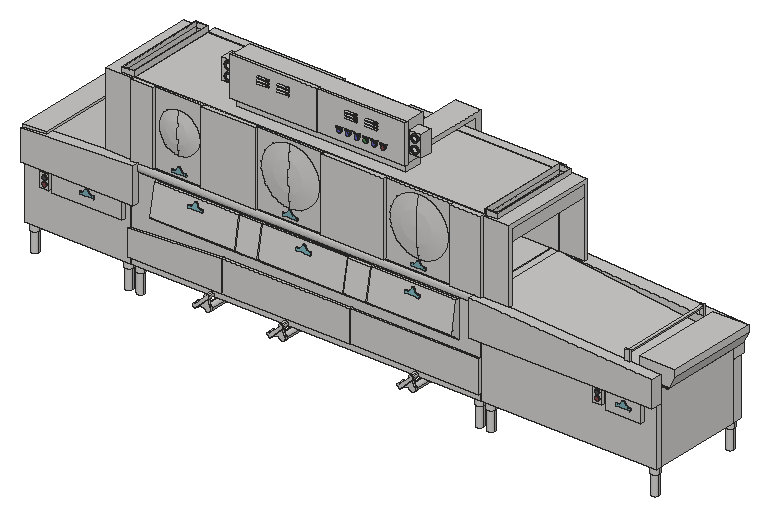
Revit family (continued)
Forms (in)
  Extrusion 125, solid, material "QF_Finishes_Stainless Steel"
    sketch origin (107.56775, -73.14175, 9.44389) x (-1, 0, 0) y (0, -0.5, -0.866025)
      loop
        line (52.28388, -77.875) -> (48.28388, -77.875)
    from 0 to 0.125
  Extrusion 126, solid, material "QF_Finishes_Stainless Steel"
    sketch origin (107.56775, -73.14175, 8.44389) x (-1, 0, 0) y (0, -0.5, -0.866025)
      loop
        arc (48.28388, -77.875) -> (48.46693, -78.31694) -> (48.90888, -78.5) r 0.625
        line (48.90888, -78.5) -> (51.65888, -78.5)
        arc (51.65888, -78.5) -> (52.10082, -78.31694) -> (52.28388, -77.875) r 0.625
        line (52.28388, -77.875) -> (48.28388, -77.875)
    from 0 to 0.125
  Extrusion 127, solid, material "QF_Finishes_Stainless Steel"
    sketch origin (-30.125, -73.14175, 10.44389) x (1, 0, 0) y (0, 0.5, 0.866025)
      loop
        line (48.28388, 77.875) -> (52.28388, 77.875)
        arc (52.28388, 77.875) -> (52.10082, 78.31694) -> (51.65888, 78.5) r 0.625
        line (51.65888, 78.5) -> (48.90888, 78.5)
        arc (48.90888, 78.5) -> (48.46693, 78.31694) -> (48.28388, 77.875) r 0.625
    from 0 to 0.125
  Extrusion 128, solid, material "QF_Finishes_Stainless Steel"
    sketch origin (-30.125, -73.14175, 9.44389) x (1, 0, 0) y (0, 0.5, 0.866025)
      loop
        line (48.28388, 77.875) -> (52.28388, 77.875)
        arc (52.28388, 77.875) -> (52.10082, 78.31694) -> (51.65888, 78.5) r 0.625
        line (51.65888, 78.5) -> (48.90888, 78.5)
        arc (48.90888, 78.5) -> (48.46693, 78.31694) -> (48.28388, 77.875) r 0.625
    from 0 to 0.125
  Extrusion 129, solid, material "QF_Finishes_Stainless Steel"
    sketch origin (-30.125, -73.14175, 8.44389) x (1, 0, 0) y (0, 0.5, 0.866025)
      loop
        line (48.28388, 77.875) -> (52.28388, 77.875)
        arc (52.28388, 77.875) -> (52.10082, 78.31694) -> (51.65888, 78.5) r 0.625
        line (51.65888, 78.5) -> (48.90888, 78.5)
        arc (48.90888, 78.5) -> (48.46693, 78.31694) -> (48.28388, 77.875) r 0.625
    from 0 to 0.125
  Extrusion 130, solid, material "QF_Finishes_Stainless Steel"
    sketch origin (77.44275, -73.14175, 10.44389) x (-1, 0, 0) y (0, -0.5, -0.866025)
      loop
        arc (48.28388, -77.875) -> (48.46693, -78.31694) -> (48.90888, -78.5) r 0.625
        line (48.90888, -78.5) -> (51.65888, -78.5)
        arc (51.65888, -78.5) -> (52.10082, -78.31694) -> (52.28388, -77.875) r 0.625
        line (52.28388, -77.875) -> (48.28388, -77.875)
    from 0 to 0.125
  Extrusion 131, solid, material "QF_Finishes_Stainless Steel"
    sketch origin (77.44275, -73.14175, 9.44389) x (-1, 0, 0) y (0, -0.5, -0.866025)
      loop
        arc (48.28388, -77.875) -> (48.46693, -78.31694) -> (48.90888, -78.5) r 0.625
        line (48.90888, -78.5) -> (51.65888, -78.5)
        arc (51.65888, -78.5) -> (52.10082, -78.31694) -> (52.28388, -77.875) r 0.625
        line (52.28388, -77.875) -> (48.28388, -77.875)
    from 0 to 0.125
  Extrusion 132, solid, material "QF_Finishes_Stainless Steel"
    sketch origin (77.44275, -73.14175, 8.44389) x (-1, 0, 0) y (0, -0.5, -0.866025)
      loop
        arc (48.28388, -77.875) -> (48.46693, -78.31694) -> (48.90888, -78.5) r 0.625
        line (48.90888, -78.5) -> (51.65888, -78.5)
        arc (51.65888, -78.5) -> (52.10082, -78.31694) -> (52.28388, -77.875) r 0.625
        line (52.28388, -77.875) -> (48.28388, -77.875)
    from 0 to 0.125
  Extrusion 133, solid, material "QF_Finishes_Stainless Steel"
    sketch origin (-39.90362, 0, 0) x (0, 1, 0) y (0, 0, 1)
      loop
        circle (-20.25, 7) r 1
      loop
        circle (-20.25, 7) r 1.125
    from 0 to 191.625
  Extrusion 134, solid, material "QF_Finishes_Stainless Steel", visible <- "Unload End Drain"
    sketch origin (-39.90362, 0, 0) x (0, 1, 0) y (0, 0, 1)
      loop
        circle (-20.25, 7) r 1
    from 0 to 0.125
  Extrusion 135, solid, material "QF_Finishes_Stainless Steel", visible <- "Load End Drain"
    sketch origin (151.72138, 0, 0) x (0, 1, 0) y (0, 0, 1)
      loop
        circle (-20.25, 7) r 1
    from 0 to -0.125
  Sweep 136, solid, material "QF_Finishes_Stainless Steel", visible <- "Cold Water Aqua Stat"
    path origin (-31.27862, 0, 0) x (0, 1, 0) y (0, 0, 1)
      loop
        line (-16.75, 9) -> (-16.75, 7.5)
        arc (-16.75, 7.5) -> (-16.31066, 6.43934) -> (-15.25, 6) r 1.5
        line (-15.25, 6) -> (-8.5, 6)
    profile origin (-31.27862, -16.75, 8.25) x (1, 0, 0) y (0, 1, 0)
      loop
        circle (0, 0) r 0.375
      loop
        circle (0, 0) r 0.5
  Sweep 137, solid, material "QF_Finishes_Stainless Steel", visible <- "Cold Water Aqua Stat"
    path origin (134.72138, 0, 0) x (0, 1, 0) y (0, 0, 1)
      loop
        line (-16.75, 9) -> (-16.75, 7.5)
        arc (-16.75, 7.5) -> (-16.31066, 6.43934) -> (-15.25, 6) r 1.5
        line (-15.25, 6) -> (-8.5, 6)
    profile origin (134.72138, -16.75, 8.25) x (1, 0, 0) y (0, 1, 0)
      loop
        circle (0, 0) r 0.5
      loop
        circle (0, 0) r 0.625
  Extrusion 138, void
    sketch origin (0, -26, 0) x (1, 0, 0) y (0, 0, 1)
      loop
        circle (10.72138, 78.5) r 0.5
    from 0 to 0.25
  Extrusion 139, solid, material "QF_Finishes_Stainless Steel"
    sketch origin (0, -20.25, 0) x (1, 0, 0) y (0, 0, 1)
      loop
        circle (7.73519, 7) r 1
      loop
        circle (7.73519, 7) r 1.125
    from 0 to 21.5
  Extrusion 140, solid, material "QF_Finishes_Stainless Steel"
    sketch origin (12, -20.25, 0) x (1, 0, 0) y (0, 0, 1)
      loop
        circle (21.23519, 7) r 1
      loop
        circle (21.23519, 7) r 1.125
    from 0 to 21.5
  Extrusion 141, solid, material "QF_Finishes_Stainless Steel"
    sketch origin (7.21533, -42, -3.41935) x (0.707107, 0, 0.707107) y (-0.707107, 0, 0.707107)
      loop
        arc (6.61019, 7) -> (7.73519, 5.875) -> (8.86019, 7) r 1.125
        arc (8.86019, 7) -> (9.29112, 8.22931) -> (10.48519, 8.75) r 1.62946
        line (10.48519, 8.75) -> (4.98519, 8.75)
        arc (4.98519, 8.75) -> (6.17925, 8.22931) -> (6.61019, 7) r 1.62946
    from -0.25 to 0.25
  Extrusion 142, solid, material "QF_Finishes_Stainless Steel"
    sketch origin (32.71533, -42, -3.41935) x (0.707107, 0, 0.707107) y (-0.707107, 0, 0.707107)
      loop
        line (4.73519, 8.75) -> (10.73519, 8.75)
        arc (10.73519, 8.75) -> (11.08874, 8.89645) -> (11.23519, 9.25) r 0.5
        line (11.23519, 9.25) -> (11.23519, 9.75)
        arc (11.23519, 9.75) -> (11.08874, 10.10355) -> (10.73519, 10.25) r 0.5
        line (10.73519, 10.25) -> (10.23519, 10.25)
        arc (10.23519, 10.25) -> (10.05841, 10.17678) -> (9.98519, 10) r 0.25
        line (9.98519, 10) -> (9.98519, 9.75) -> (5.48519, 9.75) -> (5.48519, 10)
        arc (5.48519, 10) -> (5.41196, 10.17678) -> (5.23519, 10.25) r 0.25
        line (5.23519, 10.25) -> (4.73519, 10.25)
        arc (4.73519, 10.25) -> (4.38163, 10.10355) -> (4.23519, 9.75) r 0.5
        line (4.23519, 9.75) -> (4.23519, 9.25)
        arc (4.23519, 9.25) -> (4.38163, 8.89645) -> (4.73519, 8.75) r 0.5
    from -1 to 1
  Extrusion 143, solid, material "QF_Finishes_Stainless Steel"
    sketch origin (32.71533, -42, -3.41935) x (0.707107, 0, 0.707107) y (-0.707107, 0, 0.707107)
      loop
        arc (6.61019, 7) -> (7.73519, 5.875) -> (8.86019, 7) r 1.125
        arc (8.86019, 7) -> (9.29112, 8.22931) -> (10.48519, 8.75) r 1.62946
        line (10.48519, 8.75) -> (4.98519, 8.75)
        arc (4.98519, 8.75) -> (6.17925, 8.22931) -> (6.61019, 7) r 1.62946
    from -0.25 to 0.25
  Extrusion 144, solid, material "QF_Finishes_Stainless Steel"
    sketch origin (63, -20.25, 0) x (1, 0, 0) y (0, 0, 1)
      loop
        circle (14.73519, 7) r 1
      loop
        circle (14.73519, 7) r 1.125
    from 0 to 21.5
  Extrusion 145, solid, material "QF_Finishes_Stainless Steel"
    sketch origin (77.21533, -42, -3.41935) x (0.707107, 0, 0.707107) y (-0.707107, 0, 0.707107)
      loop
        line (4.73519, 8.75) -> (10.73519, 8.75)
        arc (10.73519, 8.75) -> (11.08874, 8.89645) -> (11.23519, 9.25) r 0.5
        line (11.23519, 9.25) -> (11.23519, 9.75)
        arc (11.23519, 9.75) -> (11.08874, 10.10355) -> (10.73519, 10.25) r 0.5
        line (10.73519, 10.25) -> (10.23519, 10.25)
        arc (10.23519, 10.25) -> (10.05841, 10.17678) -> (9.98519, 10) r 0.25
        line (9.98519, 10) -> (9.98519, 9.75) -> (5.48519, 9.75) -> (5.48519, 10)
        arc (5.48519, 10) -> (5.41196, 10.17678) -> (5.23519, 10.25) r 0.25
        line (5.23519, 10.25) -> (4.73519, 10.25)
        arc (4.73519, 10.25) -> (4.38163, 10.10355) -> (4.23519, 9.75) r 0.5
        line (4.23519, 9.75) -> (4.23519, 9.25)
        arc (4.23519, 9.25) -> (4.38163, 8.89645) -> (4.73519, 8.75) r 0.5
    from -1 to 1
  Extrusion 146, solid, material "QF_Finishes_Stainless Steel"
    sketch origin (77.21533, -42, -3.41935) x (0.707107, 0, 0.707107) y (-0.707107, 0, 0.707107)
      loop
        arc (6.61019, 7) -> (7.73519, 5.875) -> (8.86019, 7) r 1.125
        arc (8.86019, 7) -> (9.29112, 8.22931) -> (10.48519, 8.75) r 1.62946
        line (10.48519, 8.75) -> (4.98519, 8.75)
        arc (4.98519, 8.75) -> (6.17925, 8.22931) -> (6.61019, 7) r 1.62946
    from -0.25 to 0.25
  Extrusion 147, solid, material "QF_Finishes_Stainless Steel"
    sketch origin (7.21533, -42, -3.41935) x (0.707107, 0, 0.707107) y (-0.707107, 0, 0.707107)
      loop
        line (4.73519, 8.75) -> (10.73519, 8.75)
        arc (10.73519, 8.75) -> (11.08874, 8.89645) -> (11.23519, 9.25) r 0.5
        line (11.23519, 9.25) -> (11.23519, 9.75)
        arc (11.23519, 9.75) -> (11.08874, 10.10355) -> (10.73519, 10.25) r 0.5
        line (10.73519, 10.25) -> (10.23519, 10.25)
        arc (10.23519, 10.25) -> (10.05841, 10.17678) -> (9.98519, 10) r 0.25
        line (9.98519, 10) -> (9.98519, 9.75) -> (5.48519, 9.75) -> (5.48519, 10)
        arc (5.48519, 10) -> (5.41196, 10.17678) -> (5.23519, 10.25) r 0.25
        line (5.23519, 10.25) -> (4.73519, 10.25)
        arc (4.73519, 10.25) -> (4.38163, 10.10355) -> (4.23519, 9.75) r 0.5
        line (4.23519, 9.75) -> (4.23519, 9.25)
        arc (4.23519, 9.25) -> (4.38163, 8.89645) -> (4.73519, 8.75) r 0.5
    from -1 to 1
  Extrusion 148, solid, material "QF_Finishes_Stainless Steel", visible <- "Feeder Line 2"
    sketch origin (0, -26, 0) x (1, 0, 0) y (0, 0, 1)
      loop
        circle (11.97138, 78.5) r 0.25
    from 0 to -0.0625
  Extrusion 149, solid, material "QF_Finishes_Stainless Steel", visible <- "Feeder Line 3"
    sketch origin (0.75, -26, 0) x (1, 0, 0) y (0, 0, 1)
      loop
        circle (11.97138, 78.5) r 0.25
    from 0 to -0.0625
  Extrusion 150, solid, material "QF_Finishes_Black", not visible
    sketch origin (0, -32.25, 0) x (1, 0, 0) y (0, 0, 1)
      loop
        circle (6.84638, 76.75) r 1.25
      loop
        circle (6.84638, 76.75) r 1
    from 0 to 0.25
  Extrusion 151, solid, material "QF_Finishes_White", not visible
    sketch origin (0, -32.25, 0) x (1, 0, 0) y (0, 0, 1)
      loop
        circle (6.84638, 76.75) r 1
    from 0 to 0.0625
  Extrusion 152, solid, material "QF_Finishes_Black", not visible
    sketch origin (33.66291, -34, -18.39967) x (1, 0, 0) y (0, 0, 1)
      loop
        line (19.62096, 91.02467) -> (17.62096, 91.02467) -> (17.62096, 90.77467) -> (19.62096, 90.77467) -> (19.62096, 91.02467)
      loop
        line (16.62096, 91.02467) -> (14.62096, 91.02467) -> (14.62096, 90.77467) -> (16.62096, 90.77467) -> (16.62096, 91.02467)
      loop
        line (20.62096, 91.02467) -> (20.62096, 90.77467) -> (22.62096, 90.77467) -> (22.62096, 91.02467) -> (20.62096, 91.02467)
      loop
        line (23.62096, 91.02467) -> (23.62096, 90.77467) -> (25.62096, 90.77467) -> (25.62096, 91.02467) -> (23.62096, 91.02467)
      loop
        line (13.62096, 91.02467) -> (11.62096, 91.02467) -> (11.62096, 90.77467) -> (13.62096, 90.77467) -> (13.62096, 91.02467)
      loop
        line (26.62096, 91.02467) -> (26.62096, 90.77467) -> (28.62096, 90.77467) -> (28.62096, 91.02467) -> (26.62096, 91.02467)
    from 0 to 0.25
  Extrusion 153, solid, material "QF_Finishes_Navy Blue", not visible
    sketch origin (34.03783, -34, -18.39967) x (1, 0, 0) y (0, 0, 1)
      loop
        circle (15.24605, 89.89967) r 0.625
    from 0.125 to 0.375
  Extrusion 154, solid, material "QF_Finishes_Navy Blue", not visible
    sketch origin (34.03783, -34, -18.39967) x (1, 0, 0) y (0, 0, 1)
      loop
        circle (18.24605, 89.89967) r 0.625
    from 0.125 to 0.375
  Extrusion 155, solid, material "QF_Finishes_LED Green", not visible
    sketch origin (34.03783, -34, -18.39967) x (1, 0, 0) y (0, 0, 1)
      loop
        circle (21.24605, 89.89967) r 0.625
    from 0.125 to 0.375
  Extrusion 156, solid, material "QF_Finishes_Navy Blue", not visible
    sketch origin (34.03783, -34, -18.39967) x (1, 0, 0) y (0, 0, 1)
      loop
        circle (24.24605, 89.89967) r 0.625
    from 0.125 to 0.375
  Extrusion 157, solid, material "QF_Finishes_Black", not visible
    sketch origin (34.03783, -34, -18.39967) x (1, 0, 0) y (0, 0, 1)
      loop
        line (15.99605, 89.89967) -> (15.99605, 90.77467) -> (14.49605, 90.77467) -> (14.49605, 89.89967)
        arc (14.49605, 89.89967) -> (15.24605, 89.14967) -> (15.99605, 89.89967) r 0.75
      loop
        line (18.99605, 89.89967) -> (18.99605, 90.77467) -> (17.49605, 90.77467) -> (17.49605, 89.89967)
        arc (17.49605, 89.89967) -> (18.24605, 89.14967) -> (18.99605, 89.89967) r 0.75
      loop
        line (21.99605, 89.89967) -> (21.99605, 90.77467) -> (20.49605, 90.77467) -> (20.49605, 89.89967)
        arc (20.49605, 89.89967) -> (21.24605, 89.14967) -> (21.99605, 89.89967) r 0.75
      loop
        line (24.99605, 89.89967) -> (24.99605, 90.77467) -> (23.49605, 90.77467) -> (23.49605, 89.89967)
        arc (23.49605, 89.89967) -> (24.24605, 89.14967) -> (24.99605, 89.89967) r 0.75
      loop
        line (12.99605, 89.89967) -> (12.99605, 90.77467) -> (11.49605, 90.77467) -> (11.49605, 89.89967)
        arc (11.49605, 89.89967) -> (12.24605, 89.14967) -> (12.99605, 89.89967) r 0.75
      loop
        line (27.99605, 89.89967) -> (27.99605, 90.77467) -> (26.49605, 90.77467) -> (26.49605, 89.89967)
        arc (26.49605, 89.89967) -> (27.24605, 89.14967) -> (27.99605, 89.89967) r 0.75
    from 0 to 0.125
  Extrusion 158, solid, material "QF_Finishes_Black", not visible
    sketch origin (0, -32.25, -3.5) x (1, 0, 0) y (0, 0, 1)
      loop
        circle (6.84638, 76.75) r 1.25
      loop
        circle (6.84638, 76.75) r 1
    from 0 to 0.25
  Extrusion 159, solid, material "QF_Finishes_White", not visible
    sketch origin (0, -32.25, -3.5) x (1, 0, 0) y (0, 0, 1)
      loop
        circle (6.84638, 76.75) r 1
    from 0 to 0.0625
  Extrusion 160, solid, material "QF_Finishes_Black", not visible
    sketch origin (63.875, -32.25, 0) x (1, 0, 0) y (0, 0, 1)
      loop
        circle (6.84638, 76.75) r 1.25
      loop
        circle (6.84638, 76.75) r 1
    from 0 to 0.25
  Extrusion 161, solid, material "QF_Finishes_White", not visible
    sketch origin (63.875, -32.25, 0) x (1, 0, 0) y (0, 0, 1)
      loop
        circle (6.84638, 76.75) r 1
    from 0 to 0.0625
  Extrusion 162, solid, material "QF_Finishes_Black", not visible
    sketch origin (63.875, -32.25, -3.5) x (1, 0, 0) y (0, 0, 1)
      loop
        circle (6.84638, 76.75) r 1.25
      loop
        circle (6.84638, 76.75) r 1
    from 0 to 0.25
  Extrusion 163, solid, material "QF_Finishes_White", not visible
    sketch origin (63.875, -32.25, -3.5) x (1, 0, 0) y (0, 0, 1)
      loop
        circle (6.84638, 76.75) r 1
    from 0 to 0.0625
  Extrusion 164, solid, material "QF_Finishes_Navy Blue", not visible
    sketch origin (31.03783, -34, -18.39967) x (1, 0, 0) y (0, 0, 1)
      loop
        circle (15.24605, 89.89967) r 0.625
    from 0.125 to 0.375
  Extrusion 165, solid, material "QF_Finishes_LED Red", not visible
    sketch origin (46.03783, -34, -18.39967) x (1, 0, 0) y (0, 0, 1)
      loop
        circle (15.24605, 89.89967) r 0.625
    from 0.125 to 0.375
  Extrusion 166, solid, material "QF_Finishes_Stainless Steel", not visible
    sketch origin (0, -73.14175, 10.44389) x (1, 0, 0) y (0, 0.5, 0.866025)
      loop
        line (48.28388, 77.875) -> (52.28388, 77.875)
        arc (52.28388, 77.875) -> (52.10082, 78.31694) -> (51.65888, 78.5) r 0.625
        line (51.65888, 78.5) -> (48.90888, 78.5)
        arc (48.90888, 78.5) -> (48.46693, 78.31694) -> (48.28388, 77.875) r 0.625
    from 0 to 0.125
  Extrusion 167, solid, material "QF_Finishes_Stainless Steel", not visible
    sketch origin (0, -73.14175, 9.44389) x (1, 0, 0) y (0, 0.5, 0.866025)
      loop
        line (48.28388, 77.875) -> (52.28388, 77.875)
        arc (52.28388, 77.875) -> (52.10082, 78.31694) -> (51.65888, 78.5) r 0.625
        line (51.65888, 78.5) -> (48.90888, 78.5)
        arc (48.90888, 78.5) -> (48.46693, 78.31694) -> (48.28388, 77.875) r 0.625
    from 0 to 0.125
  Extrusion 168, solid, material "QF_Finishes_Stainless Steel", not visible
    sketch origin (0, -73.14175, 8.44389) x (1, 0, 0) y (0, 0.5, 0.866025)
      loop
        line (48.28388, 77.875) -> (52.28388, 77.875)
        arc (52.28388, 77.875) -> (52.10082, 78.31694) -> (51.65888, 78.5) r 0.625
        line (51.65888, 78.5) -> (48.90888, 78.5)
        arc (48.90888, 78.5) -> (48.46693, 78.31694) -> (48.28388, 77.875) r 0.625
    from 0 to 0.125
  Extrusion 169, solid, material "QF_Finishes_Stainless Steel", not visible
    sketch origin (107.56775, -73.14175, 10.44389) x (-1, 0, 0) y (0, -0.5, -0.866025)
      loop
        arc (48.28388, -77.875) -> (48.46693, -78.31694) -> (48.90888, -78.5) r 0.625
        line (48.90888, -78.5) -> (51.65888, -78.5)
        arc (51.65888, -78.5) -> (52.10082, -78.31694) -> (52.28388, -77.875) r 0.625
        line (52.28388, -77.875) -> (48.28388, -77.875)
    from 0 to 0.125
  Extrusion 170, solid, material "QF_Finishes_Stainless Steel", not visible
    sketch origin (107.56775, -73.14175, 9.44389) x (-1, 0, 0) y (0, -0.5, -0.866025)
      loop
        arc (48.28388, -77.875) -> (48.46693, -78.31694) -> (48.90888, -78.5) r 0.625
        line (48.90888, -78.5) -> (51.65888, -78.5)
        arc (51.65888, -78.5) -> (52.10082, -78.31694) -> (52.28388, -77.875) r 0.625
        line (52.28388, -77.875) -> (48.28388, -77.875)
    from 0 to 0.125
  Extrusion 171, solid, material "QF_Finishes_Stainless Steel", not visible
    sketch origin (107.56775, -73.14175, 8.44389) x (-1, 0, 0) y (0, -0.5, -0.866025)
      loop
        arc (48.28388, -77.875) -> (48.46693, -78.31694) -> (48.90888, -78.5) r 0.625
        line (48.90888, -78.5) -> (51.65888, -78.5)
        arc (51.65888, -78.5) -> (52.10082, -78.31694) -> (52.28388, -77.875) r 0.625
        line (52.28388, -77.875) -> (48.28388, -77.875)
    from 0 to 0.125
  Extrusion 172, solid, material "QF_Finishes_Stainless Steel", not visible
    sketch origin (-30.125, -73.14175, 10.44389) x (1, 0, 0) y (0, 0.5, 0.866025)
      loop
        line (48.28388, 77.875) -> (52.28388, 77.875)
        arc (52.28388, 77.875) -> (52.10082, 78.31694) -> (51.65888, 78.5) r 0.625
        line (51.65888, 78.5) -> (48.90888, 78.5)
        arc (48.90888, 78.5) -> (48.46693, 78.31694) -> (48.28388, 77.875) r 0.625
    from 0 to 0.125
  Extrusion 173, solid, material "QF_Finishes_Stainless Steel", not visible
    sketch origin (-30.125, -73.14175, 9.44389) x (1, 0, 0) y (0, 0.5, 0.866025)
      loop
        line (48.28388, 77.875) -> (52.28388, 77.875)
        arc (52.28388, 77.875) -> (52.10082, 78.31694) -> (51.65888, 78.5) r 0.625
        line (51.65888, 78.5) -> (48.90888, 78.5)
        arc (48.90888, 78.5) -> (48.46693, 78.31694) -> (48.28388, 77.875) r 0.625
    from 0 to 0.125
  Extrusion 174, solid, material "QF_Finishes_Stainless Steel", not visible
    sketch origin (-30.125, -73.14175, 8.44389) x (1, 0, 0) y (0, 0.5, 0.866025)
      loop
        line (48.28388, 77.875) -> (52.28388, 77.875)
        arc (52.28388, 77.875) -> (52.10082, 78.31694) -> (51.65888, 78.5) r 0.625
        line (51.65888, 78.5) -> (48.90888, 78.5)
        arc (48.90888, 78.5) -> (48.46693, 78.31694) -> (48.28388, 77.875) r 0.625
    from 0 to 0.125
  Extrusion 175, solid, material "QF_Finishes_Stainless Steel", not visible
    sketch origin (77.44275, -73.14175, 10.44389) x (-1, 0, 0) y (0, -0.5, -0.866025)
      loop
        arc (48.28388, -77.875) -> (48.46693, -78.31694) -> (48.90888, -78.5) r 0.625
        line (48.90888, -78.5) -> (51.65888, -78.5)
        arc (51.65888, -78.5) -> (52.10082, -78.31694) -> (52.28388, -77.875) r 0.625
        line (52.28388, -77.875) -> (48.28388, -77.875)
    from 0 to 0.125
  Extrusion 176, solid, material "QF_Finishes_Stainless Steel", not visible
    sketch origin (77.44275, -73.14175, 9.44389) x (-1, 0, 0) y (0, -0.5, -0.866025)
      loop
        arc (48.28388, -77.875) -> (48.46693, -78.31694) -> (48.90888, -78.5) r 0.625
        line (48.90888, -78.5) -> (51.65888, -78.5)
        arc (51.65888, -78.5) -> (52.10082, -78.31694) -> (52.28388, -77.875) r 0.625
        line (52.28388, -77.875) -> (48.28388, -77.875)
    from 0 to 0.125
  Extrusion 177, solid, material "QF_Finishes_Stainless Steel", not visible
    sketch origin (77.44275, -73.14175, 8.44389) x (-1, 0, 0) y (0, -0.5, -0.866025)
      loop
        arc (48.28388, -77.875) -> (48.46693, -78.31694) -> (48.90888, -78.5) r 0.625
        line (48.90888, -78.5) -> (51.65888, -78.5)
        arc (51.65888, -78.5) -> (52.10082, -78.31694) -> (52.28388, -77.875) r 0.625
        line (52.28388, -77.875) -> (48.28388, -77.875)
    from 0 to 0.125
  Extrusion 178, solid, material "QF_Finishes_Stainless Steel", not visible
    sketch origin (0, -20.25, 0) x (1, 0, 0) y (0, 0, 1)
      loop
        circle (7.73519, 7) r 1
      loop
        circle (7.73519, 7) r 1.125
    from 0 to 21.5
  Extrusion 179, solid, material "QF_Finishes_Stainless Steel", not visible
    sketch origin (12, -20.25, 0) x (1, 0, 0) y (0, 0, 1)
      loop
        circle (21.23519, 7) r 1
      loop
        circle (21.23519, 7) r 1.125
    from 0 to 21.5
  Extrusion 180, solid, material "QF_Finishes_Stainless Steel", not visible
    sketch origin (7.21533, -42, -3.41935) x (0.707107, 0, 0.707107) y (-0.707107, 0, 0.707107)
      loop
        arc (6.61019, 7) -> (7.73519, 5.875) -> (8.86019, 7) r 1.125
        arc (8.86019, 7) -> (9.29112, 8.22931) -> (10.48519, 8.75) r 1.62946
        line (10.48519, 8.75) -> (4.98519, 8.75)
        arc (4.98519, 8.75) -> (6.17925, 8.22931) -> (6.61019, 7) r 1.62946
    from -0.25 to 0.25
  Extrusion 181, solid, material "QF_Finishes_Stainless Steel", not visible
    sketch origin (32.71533, -42, -3.41935) x (0.707107, 0, 0.707107) y (-0.707107, 0, 0.707107)
      loop
        line (4.73519, 8.75) -> (10.73519, 8.75)
        arc (10.73519, 8.75) -> (11.08874, 8.89645) -> (11.23519, 9.25) r 0.5
        line (11.23519, 9.25) -> (11.23519, 9.75)
        arc (11.23519, 9.75) -> (11.08874, 10.10355) -> (10.73519, 10.25) r 0.5
        line (10.73519, 10.25) -> (10.23519, 10.25)
        arc (10.23519, 10.25) -> (10.05841, 10.17678) -> (9.98519, 10) r 0.25
        line (9.98519, 10) -> (9.98519, 9.75) -> (5.48519, 9.75) -> (5.48519, 10)
        arc (5.48519, 10) -> (5.41196, 10.17678) -> (5.23519, 10.25) r 0.25
        line (5.23519, 10.25) -> (4.73519, 10.25)
        arc (4.73519, 10.25) -> (4.38163, 10.10355) -> (4.23519, 9.75) r 0.5
        line (4.23519, 9.75) -> (4.23519, 9.25)
        arc (4.23519, 9.25) -> (4.38163, 8.89645) -> (4.73519, 8.75) r 0.5
    from -1 to 1
  Extrusion 182, solid, material "QF_Finishes_Stainless Steel", not visible
    sketch origin (32.71533, -42, -3.41935) x (0.707107, 0, 0.707107) y (-0.707107, 0, 0.707107)
      loop
        arc (6.61019, 7) -> (7.73519, 5.875) -> (8.86019, 7) r 1.125
        arc (8.86019, 7) -> (9.29112, 8.22931) -> (10.48519, 8.75) r 1.62946
        line (10.48519, 8.75) -> (4.98519, 8.75)
        arc (4.98519, 8.75) -> (6.17925, 8.22931) -> (6.61019, 7) r 1.62946
    from -0.25 to 0.25
  Extrusion 183, solid, material "QF_Finishes_Stainless Steel", not visible
    sketch origin (63, -20.25, 0) x (1, 0, 0) y (0, 0, 1)
      loop
        circle (14.73519, 7) r 1
      loop
        circle (14.73519, 7) r 1.125
    from 0 to 21.5
  Extrusion 184, solid, material "QF_Finishes_Stainless Steel", not visible
    sketch origin (77.21533, -42, -3.41935) x (0.707107, 0, 0.707107) y (-0.707107, 0, 0.707107)
      loop
        line (4.73519, 8.75) -> (10.73519, 8.75)
        arc (10.73519, 8.75) -> (11.08874, 8.89645) -> (11.23519, 9.25) r 0.5
        line (11.23519, 9.25) -> (11.23519, 9.75)
        arc (11.23519, 9.75) -> (11.08874, 10.10355) -> (10.73519, 10.25) r 0.5
        line (10.73519, 10.25) -> (10.23519, 10.25)
        arc (10.23519, 10.25) -> (10.05841, 10.17678) -> (9.98519, 10) r 0.25
        line (9.98519, 10) -> (9.98519, 9.75) -> (5.48519, 9.75) -> (5.48519, 10)
        arc (5.48519, 10) -> (5.41196, 10.17678) -> (5.23519, 10.25) r 0.25
        line (5.23519, 10.25) -> (4.73519, 10.25)
        arc (4.73519, 10.25) -> (4.38163, 10.10355) -> (4.23519, 9.75) r 0.5
        line (4.23519, 9.75) -> (4.23519, 9.25)
        arc (4.23519, 9.25) -> (4.38163, 8.89645) -> (4.73519, 8.75) r 0.5
    from -1 to 1
  Extrusion 185, solid, material "QF_Finishes_Stainless Steel", not visible
    sketch origin (77.21533, -42, -3.41935) x (0.707107, 0, 0.707107) y (-0.707107, 0, 0.707107)
      loop
        arc (6.61019, 7) -> (7.73519, 5.875) -> (8.86019, 7) r 1.125
        arc (8.86019, 7) -> (9.29112, 8.22931) -> (10.48519, 8.75) r 1.62946
        line (10.48519, 8.75) -> (4.98519, 8.75)
        arc (4.98519, 8.75) -> (6.17925, 8.22931) -> (6.61019, 7) r 1.62946
    from -0.25 to 0.25
  Extrusion 186, solid, material "QF_Finishes_Stainless Steel", not visible
    sketch origin (7.21533, -42, -3.41935) x (0.707107, 0, 0.707107) y (-0.707107, 0, 0.707107)
      loop
        line (4.73519, 8.75) -> (10.73519, 8.75)
        arc (10.73519, 8.75) -> (11.08874, 8.89645) -> (11.23519, 9.25) r 0.5
        line (11.23519, 9.25) -> (11.23519, 9.75)
        arc (11.23519, 9.75) -> (11.08874, 10.10355) -> (10.73519, 10.25) r 0.5
        line (10.73519, 10.25) -> (10.23519, 10.25)
        arc (10.23519, 10.25) -> (10.05841, 10.17678) -> (9.98519, 10) r 0.25
        line (9.98519, 10) -> (9.98519, 9.75) -> (5.48519, 9.75) -> (5.48519, 10)
        arc (5.48519, 10) -> (5.41196, 10.17678) -> (5.23519, 10.25) r 0.25
        line (5.23519, 10.25) -> (4.73519, 10.25)
        arc (4.73519, 10.25) -> (4.38163, 10.10355) -> (4.23519, 9.75) r 0.5
        line (4.23519, 9.75) -> (4.23519, 9.25)
        arc (4.23519, 9.25) -> (4.38163, 8.89645) -> (4.73519, 8.75) r 0.5
    from -1 to 1
  Extrusion 187, solid, material "QF_Finishes_Stainless Steel", visible <- "Swing Doors"
    sketch origin (0, 0, 65.5) x (0, 1, 0) y (-1, 0, 0)
      loop
        line (-38.25, 13.27862) -> (-39, 13.27862) -> (-39, -2.59638) -> (-38.25, -2.59638) -> (-38.25, 13.27862)
    from 0 to -24.875
  Extrusion 188, solid, material "QF_Finishes_Stainless Steel", visible <- "Swing Doors"
    sketch origin (0, 0, 65.5) x (0, 1, 0) y (-1, 0, 0)
      loop
        line (-38.25, -21.72138) -> (-39, -21.72138) -> (-39, -32.65888) -> (-38.25, -32.65888) -> (-38.25, -21.72138)
    from 0 to -24.875
  Extrusion 189, solid, material "QF_Finishes_Stainless Steel", visible <- "Swing Doors"
    sketch origin (0, 0, 65.5) x (0, 1, 0) y (-1, 0, 0)
      loop
        line (-38.25, -32.78388) -> (-39, -32.78388) -> (-39, -43.72138) -> (-38.25, -43.72138) -> (-38.25, -32.78388)
    from 0 to -24.875
  Extrusion 190, solid, material "QF_Finishes_Stainless Steel", visible <- "Swing Doors"
    sketch origin (0, 0, 65.5) x (0, 1, 0) y (-1, 0, 0)
      loop
        line (-38.25, -65.72138) -> (-39, -65.72138) -> (-39, -76.65888) -> (-38.25, -76.65888) -> (-38.25, -65.72138)
    from 0 to -24.875
  Extrusion 191, solid, material "QF_Finishes_Stainless Steel", visible <- "Swing Doors"
    sketch origin (0, 0, 65.5) x (0, 1, 0) y (-1, 0, 0)
      loop
        line (-38.25, -76.78388) -> (-39, -76.78388) -> (-39, -87.72138) -> (-38.25, -87.72138) -> (-38.25, -76.78388)
    from 0 to -24.875
  Extrusion 192, solid, material "QF_Finishes_Stainless Steel", visible <- "Swing Doors"
    sketch origin (1.64366, 34, 62.4375) x (0, 1, 0) y (-1, 0, 0)
      loop
        circle (-73.25, -19.82772) r 0.25
    from 0 to -3
  Extrusion 193, solid, material "QF_Finishes_Stainless Steel", visible <- "Swing Doors"
    sketch origin (1.64366, 34, 45.8125) x (0, 1, 0) y (-1, 0, 0)
      loop
        circle (-73.25, -19.82772) r 0.25
    from 0 to -3
  Sweep 194, solid, material "QF_Finishes_Stainless Steel", visible <- "Swing Doors"
    path origin (31.28388, 53.39484, 58) x (0, 1, 0) y (0, 0, 1)
      loop
        line (-92.39484, -0.9375) -> (-93.01984, -0.9375)
        arc (-93.01984, -0.9375) -> (-93.37339, -1.08395) -> (-93.51984, -1.4375) r 0.5
        line (-93.51984, -1.4375) -> (-93.51984, -9.6875)
        arc (-93.51984, -9.6875) -> (-93.37339, -10.04105) -> (-93.01984, -10.1875) r 0.5
        line (-93.01984, -10.1875) -> (-92.39484, -10.1875)
    profile origin (31.28388, -39.3125, 57.0625) x (0, 0, -1) y (1, 0, 0)
      loop
        circle (0, 0) r 0.375
  Extrusion 195, solid, material "QF_Finishes_Stainless Steel", visible <- "Swing Doors"
    sketch origin (37.64366, 34, 62.4375) x (0, 1, 0) y (-1, 0, 0)
      loop
        circle (-73.25, -6.32772) r 0.25
    from 0 to -3
  Extrusion 196, solid, material "QF_Finishes_Stainless Steel", visible <- "Swing Doors"
    sketch origin (37.64366, 34, 45.8125) x (0, 1, 0) y (-1, 0, 0)
      loop
        circle (-73.25, -6.32772) r 0.25
    from 0 to -3
  Extrusion 197, solid, material "QF_Finishes_Stainless Steel", visible <- "Swing Doors"
    sketch origin (45.64366, 34, 62.4375) x (0, 1, 0) y (-1, 0, 0)
      loop
        circle (-73.25, -19.82772) r 0.25
    from 0 to -3
  Extrusion 198, solid, material "QF_Finishes_Stainless Steel", visible <- "Swing Doors"
    sketch origin (45.64366, 34, 45.8125) x (0, 1, 0) y (-1, 0, 0)
      loop
        circle (-73.25, -19.82772) r 0.25
    from 0 to -3
  Extrusion 199, solid, material "QF_Finishes_Stainless Steel", visible <- "Swing Doors"
    sketch origin (81.64366, 34, 62.4375) x (0, 1, 0) y (-1, 0, 0)
      loop
        circle (-73.25, -6.32772) r 0.25
    from 0 to -3
  Extrusion 200, solid, material "QF_Finishes_Stainless Steel", visible <- "Swing Doors"
    sketch origin (81.64366, 34, 45.8125) x (0, 1, 0) y (-1, 0, 0)
      loop
        circle (-73.25, -6.32772) r 0.25
    from 0 to -3
  Extrusion 201, solid, material "QF_Finishes_Stainless Steel", visible <- "Swing Doors"
    sketch origin (-26.60634, 34, 62.4375) x (0, 1, 0) y (-1, 0, 0)
      loop
        circle (-73.25, -13.07772) r 0.25
    from 0 to -3
  Extrusion 202, solid, material "QF_Finishes_Stainless Steel", visible <- "Swing Doors"
    sketch origin (-26.60634, 34, 45.8125) x (0, 1, 0) y (-1, 0, 0)
      loop
        circle (-73.25, -13.07772) r 0.25
    from 0 to -3
  Sweep 203, solid, material "QF_Finishes_Stainless Steel", visible <- "Swing Doors"
    path origin (1.28388, 45.33582, 48) x (0, 1, 0) y (0, 0, 1)
      loop
        line (-84.33582, 9.0625) -> (-84.96082, 9.0625)
        arc (-84.96082, 9.0625) -> (-85.31438, 8.91605) -> (-85.46082, 8.5625) r 0.5
        line (-85.46082, 8.5625) -> (-85.46082, 0.3125)
        arc (-85.46082, 0.3125) -> (-85.31438, -0.04105) -> (-84.96082, -0.1875) r 0.5
        line (-84.96082, -0.1875) -> (-84.33582, -0.1875)
    profile origin (1.28388, -39.3125, 57.0625) x (0, 0, -1) y (1, 0, 0)
      loop
        circle (0, 0) r 0.375
  Sweep 204, solid, material "QF_Finishes_Stainless Steel", visible <- "Swing Doors"
    path origin (34.15888, 53.39484, 48) x (0, 1, 0) y (0, 0, 1)
      loop
        line (-92.39484, 9.0625) -> (-93.01984, 9.0625)
        arc (-93.01984, 9.0625) -> (-93.37339, 8.91605) -> (-93.51984, 8.5625) r 0.5
        line (-93.51984, 8.5625) -> (-93.51984, 0.3125)
        arc (-93.51984, 0.3125) -> (-93.37339, -0.04105) -> (-93.01984, -0.1875) r 0.5
        line (-93.01984, -0.1875) -> (-92.39484, -0.1875)
    profile origin (34.15888, -39.3125, 57.0625) x (0, 0, -1) y (1, 0, 0)
      loop
        circle (0, 0) r 0.375
  Sweep 205, solid, material "QF_Finishes_Stainless Steel", visible <- "Swing Doors"
    path origin (75.28388, 53.39484, 48) x (0, 1, 0) y (0, 0, 1)
      loop
        line (-92.39484, 9.0625) -> (-93.01984, 9.0625)
        arc (-93.01984, 9.0625) -> (-93.37339, 8.91605) -> (-93.51984, 8.5625) r 0.5
        line (-93.51984, 8.5625) -> (-93.51984, 0.3125)
        arc (-93.51984, 0.3125) -> (-93.37339, -0.04105) -> (-93.01984, -0.1875) r 0.5
        line (-93.01984, -0.1875) -> (-92.39484, -0.1875)
    profile origin (75.28388, -39.3125, 57.0625) x (0, 0, -1) y (1, 0, 0)
      loop
        circle (0, 0) r 0.375
  Sweep 206, solid, material "QF_Finishes_Stainless Steel", visible <- "Swing Doors"
    path origin (78.15888, 53.39484, 48) x (0, 1, 0) y (0, 0, 1)
      loop
        line (-92.39484, 9.0625) -> (-93.01984, 9.0625)
        arc (-93.01984, 9.0625) -> (-93.37339, 8.91605) -> (-93.51984, 8.5625) r 0.5
        line (-93.51984, 8.5625) -> (-93.51984, 0.3125)
        arc (-93.51984, 0.3125) -> (-93.37339, -0.04105) -> (-93.01984, -0.1875) r 0.5
        line (-93.01984, -0.1875) -> (-92.39484, -0.1875)
    profile origin (78.15888, -39.3125, 57.0625) x (0, 0, -1) y (1, 0, 0)
      loop
        circle (0, 0) r 0.375
  Extrusion 207, solid, material "QF_Finishes_Clearances", visible <- "Standard Doors", detail levels coarse
    sketch origin (0, 0, 65.5) x (0, 1, 0) y (-1, 0, 0)
      loop
        line (-38.25, 13.52862) -> (-39, 13.52862) -> (-39, -2.72138) -> (-38.25, -2.72138) -> (-38.25, 13.52862)
    from 0 to 28
  Extrusion 208, solid, material "QF_Finishes_Clearances", visible <- "Standard Doors", detail levels coarse
    sketch origin (0, 0, 65.5) x (0, 1, 0) y (-1, 0, 0)
      loop
        line (-38.25, -21.47138) -> (-39, -21.47138) -> (-39, -43.97138) -> (-38.25, -43.97138) -> (-38.25, -21.47138)
    from 0 to 28
  Extrusion 209, solid, material "QF_Finishes_Clearances", visible <- "Standard Doors", detail levels coarse
    sketch origin (44, 0, 65.5) x (0, 1, 0) y (-1, 0, 0)
      loop
        line (-38.25, -21.47138) -> (-39, -21.47138) -> (-39, -43.97138) -> (-38.25, -43.97138) -> (-38.25, -21.47138)
    from 0 to 28
  Sweep 210, solid, material "QF_Finishes_Stainless Steel", visible <- "Booster Heater"
    path origin (122.72138, 20.50153, 48) x (0, 1, 0) y (0, 0, 1)
      loop
        line (-37.25153, -39) -> (-37.25153, -40.5)
        arc (-37.25153, -40.5) -> (-36.81219, -41.56066) -> (-35.75153, -42) r 1.5
        line (-35.75153, -42) -> (-29.00153, -42)
    profile origin (122.72138, -16.75, 8.25) x (1, 0, 0) y (0, 1, 0)
      loop
        circle (0, 0) r 0.375
      loop
        circle (0, 0) r 0.5
  Extrusion 211, solid, material "QF_Finishes_Stainless Steel", visible <- "Booster Heater"
    sketch origin (92, -3, 0) x (1, 0, 0) y (0, 0, 1)
      loop
        circle (18.72138, 11) r 0.25
    from 0 to -0.0625
  Extrusion 212, solid, material "QF_Finishes_Stainless Steel"
    sketch origin (68.47138, 0, 0) x (0, 1, 0) y (0, 0, 1)
      loop
        line (-26, 68.5) -> (-1.75, 68.5) -> (-1.75, 18.25) -> (-3, 18.25) -> (-3, 16.5) -> (0, 16.5) -> (0, 70.25) -> (-26, 70.25) -> (-26, 68.5)
    from -1.25 to -9.75
Cuts and joins
  Extrusion 31 cuts Extrusion 28
  Extrusion 31 cuts Extrusion 29
  Extrusion 35 cuts Extrusion 32
  Extrusion 35 cuts Extrusion 33
  Extrusion 138 cuts Extrusion 100
  Extrusion 138 cuts Extrusion 101
Lines and regions (in)
  symbolic lines
    curve 1: line (-57.40362, -1.5, 65.5) -> (-18.77862, -1.5, 65.5)
    curve 2: line (-57.40362, -3, 65.5) -> (58.72138, -3, 65.5)
    curve 3: line (158.72138, -41, 65.5) -> (158.72138, -1.5, 65.5)
    curve 4: line (158.72138, -1.5, 65.5) -> (96.22138, -1.5, 65.5)
    curve 5: line (96.22138, -1.5, 65.5) -> (96.22138, -3, 65.5)
    curve 6: line (-57.40362, -1.5, 65.5) -> (-57.40362, -41, 65.5)
    curve 7: line (-57.40362, -41, 65.5) -> (-18.77862, -41, 65.5)
    curve 8: line (-18.77862, -41, 65.5) -> (-18.77862, -39, 65.5)
    curve 9: line (98.72138, -39, 65.5) -> (-49.40362, -39, 65.5)
    curve 10: line (-57.40362, -39.875, 65.5) -> (-49.40362, -39.875, 65.5)
    curve 11: line (-49.40362, -39.875, 65.5) -> (-49.40362, -3.375, 65.5)
    curve 12: line (-49.40362, -3.375, 65.5) -> (-57.40362, -3.375, 65.5)
    curve 13: line (-49.40362, -6, 65.5) -> (-30.27862, -6, 65.5)
    curve 14: line (-21.27862, -3, 65.5) -> (-21.27862, -39, 65.5)
    curve 15: line (-21.27862, -5, 65.5) -> (-30.27862, -5, 65.5)
    curve 16: line (-30.27862, -5, 65.5) -> (-30.27862, -38.25, 65.5)
    curve 17: line (-30.27862, -38.25, 65.5) -> (-21.27862, -38.25, 65.5)
    curve 18: line (-21.27862, -37.25, 65.5) -> (-25.40362, -37.25, 65.5)
    curve 19: line (-25.40362, -37.25, 65.5) -> (-25.40362, -6, 65.5)
    curve 20: line (-25.40362, -6, 65.5) -> (-21.27862, -6, 65.5)
    curve 21: line (23.22138, -3, 65.5) -> (23.22138, -4, 65.5)
    curve 22: line (23.22138, -4, 65.5) -> (45.72138, -4, 65.5)
    curve 23: line (45.72138, -4, 65.5) -> (45.72138, -3, 65.5)
    curve 24: line (96.22138, -41, 65.5) -> (158.72138, -41, 65.5)
    curve 25: line (158.72138, -37.25, 65.5) -> (107.72138, -37.25, 65.5)
    curve 26: line (107.72138, -37.25, 65.5) -> (107.72138, -38.25, 65.5)
    curve 27: line (107.72138, -38.25, 65.5) -> (98.72138, -38.25, 65.5)
    curve 28: line (98.72138, -39, 65.5) -> (98.72138, -3, 65.5)
    curve 29: line (96.22138, -39, 65.5) -> (96.22138, -41, 65.5)
    curve 30: line (98.72138, -37.25, 65.5) -> (102.84638, -37.25, 65.5)
    curve 31: line (102.84638, -37.25, 65.5) -> (102.84638, -6, 65.5)
    curve 32: line (102.84638, -6, 65.5) -> (98.72138, -6, 65.5)
    curve 33: line (98.72138, -5, 65.5) -> (107.72138, -5, 65.5)
    curve 34: line (107.72138, -5, 65.5) -> (107.72138, -37.25, 65.5)
    curve 35: line (90.97138, -39, 65.5) -> (90.97138, -42, 65.5)
    curve 36: line (90.97138, -42, 65.5) -> (61.97138, -42, 65.5)
    curve 37: line (61.97138, -42, 65.5) -> (61.97138, -39, 65.5)
    curve 38: line (61.72138, -38.93512, 65.5) -> (61.72138, -42, 65.5)
    curve 39: line (61.72138, -42, 65.5) -> (53.97138, -42, 65.5)
    curve 40: line (53.97138, -42, 65.5) -> (53.97138, -39, 65.5)
    curve 41: line (53.72138, -39, 65.5) -> (53.72138, -42, 65.5)
    curve 42: line (53.72138, -42, 65.5) -> (24.72138, -42, 65.5)
    curve 43: line (24.72138, -42, 65.5) -> (24.72138, -39, 65.5)
    curve 44: line (24.47138, -39, 65.5) -> (24.47138, -42, 65.5)
    curve 45: line (24.47138, -42, 65.5) -> (16.97138, -42, 65.5)
    curve 46: line (16.97138, -42, 65.5) -> (16.97138, -39, 65.5)
    curve 47: line (16.72138, -39, 65.5) -> (16.72138, -42, 65.5)
    curve 48: line (16.72138, -42, 65.5) -> (-12.27862, -42, 65.5)
    curve 49: line (-12.27862, -42, 65.5) -> (-12.27862, -39, 65.5)
    curve 50: line (-13.52862, -39, 65.5) -> (-13.52862, -38.25, 65.5)
    curve 51: line (-13.52862, -38.25, 65.5) -> (2.72138, -38.25, 65.5)
    curve 52: line (2.72138, -38.25, 65.5) -> (2.72138, -39, 65.5)
    curve 59: line (8.72138, -34, 65.5) -> (68.72138, -34, 65.5)
    curve 60: line (68.72138, -34, 65.5) -> (68.72138, -33, 65.5)
    curve 61: line (68.72138, -33, 65.5) -> (8.72138, -33, 65.5)
    curve 62: line (8.72138, -33, 65.5) -> (8.72138, -34, 65.5)
    curve 63: line (8.97138, -33, 65.5) -> (8.97138, -26, 65.5)
    curve 64: line (8.97138, -26, 65.5) -> (68.47138, -26, 65.5)
    curve 65: line (68.47138, -26, 65.5) -> (68.47138, -33, 65.5)
    curve 66: line (68.47138, -28.25, 65.5) -> (72.72138, -28.25, 65.5)
    curve 67: line (72.72138, -28.25, 65.5) -> (72.72138, -32.25, 65.5)
    curve 68: line (72.72138, -32.25, 65.5) -> (68.47138, -32.25, 65.5)
    curve 69: line (8.97138, -28.25, 65.5) -> (4.72138, -28.25, 65.5)
    curve 70: line (4.72138, -28.25, 65.5) -> (4.72138, -32.25, 65.5)
    curve 71: line (4.72138, -32.25, 65.5) -> (8.97138, -32.25, 65.5)
    curve 109: line (-18.77862, -1.5, 65.5) -> (-18.77862, -3, 65.5)
    curve 110: line (146.97138, -37.25, 65.5) -> (146.97138, -37.75, 65.5)
    curve 111: line (146.97138, -37.75, 65.5) -> (148.47138, -37.75, 65.5)
    curve 112: line (148.47138, -37.75, 65.5) -> (148.47138, -37.25, 65.5)
    curve 113: line (148.22138, -37.25, 65.5) -> (148.22138, -6, 65.5)
    curve 114: line (148.47138, -6, 65.5) -> (148.47138, -5.5, 65.5)
    curve 115: line (148.47138, -5.5, 65.5) -> (146.97138, -5.5, 65.5)
    curve 116: line (146.97138, -5.5, 65.5) -> (146.97138, -6, 65.5)
    curve 117: line (147.22138, -6, 65.5) -> (147.22138, -37.25, 65.5)
    curve 118: line (158.72138, -6, 65.5) -> (107.72138, -6, 65.5)
    curve 123: line (161.22138, -6, 65.5) -> (161.22138, -37.25, 65.5)
    curve 124: line (158.72138, -6, 65.5) -> (161.22138, -6, 65.5)
    curve 125: line (161.22138, -37.25, 65.5) -> (158.72138, -37.25, 65.5)
    curve 126: line (-57.40362, -6, 65.5) -> (-59.90362, -6, 65.5)
    curve 127: line (-59.90362, -6, 65.5) -> (-59.90362, -37.25, 65.5)
    curve 128: line (-59.90362, -37.25, 65.5) -> (-57.40362, -37.25, 65.5)
    curve 135: line (67.22138, -3, 65.5) -> (158.72138, -3, 65.5)
  symbolic lines, visible <- "Standard Doors"
    curve 53: line (21.47138, -39, 65.5) -> (21.47138, -38.25, 65.5)
    curve 54: line (21.47138, -38.25, 65.5) -> (43.97138, -38.25, 65.5)
    curve 55: line (43.97138, -38.25, 65.5) -> (43.97138, -39, 65.5)
    curve 56: line (65.47138, -39, 65.5) -> (65.47138, -38.25, 65.5)
    curve 57: line (65.47138, -38.25, 65.5) -> (87.97138, -38.25, 65.5)
    curve 58: line (87.97138, -38.25, 65.5) -> (87.97138, -39, 65.5)
  symbolic lines, visible <- "Swing Doors"
    curve 72: line (1.65888, -39, 65.5) -> (1.65888, -40.125, 65.5)
    curve 73: line (0.90888, -39, 65.5) -> (0.90888, -40.125, 65.5)
    curve 74: arc (0.90888, -40.125, 65.5) -> (1.28388, -40.5, 65.5) -> (1.65888, -40.125, 65.5) r 0.375
    curve 75: line (31.65888, -39, 65.5) -> (31.65888, -40.125, 65.5)
    curve 76: line (30.90888, -39, 65.5) -> (30.90888, -40.125, 65.5)
    curve 77: arc (30.90888, -40.125, 65.5) -> (31.28388, -40.5, 65.5) -> (31.65888, -40.125, 65.5) r 0.375
    curve 78: line (33.78388, -39, 65.5) -> (33.78388, -40.125, 65.5)
    curve 79: line (34.53388, -39, 65.5) -> (34.53388, -40.125, 65.5)
    curve 80: arc (34.53388, -40.125, 65.5) -> (34.15888, -40.5, 65.5) -> (33.78388, -40.125, 65.5) r 0.375
    curve 81: line (74.90888, -39, 65.5) -> (74.90888, -40.125, 65.5)
    curve 82: line (75.65888, -39, 65.5) -> (75.65888, -40.125, 65.5)
    curve 83: arc (75.65888, -40.125, 65.5) -> (75.28388, -40.5, 65.5) -> (74.90888, -40.125, 65.5) r 0.375
    curve 84: line (77.78388, -39, 65.5) -> (77.78388, -40.125, 65.5)
    curve 85: line (78.53388, -39, 65.5) -> (78.53388, -40.125, 65.5)
    curve 86: arc (78.53388, -40.125, 65.5) -> (78.15888, -40.5, 65.5) -> (77.78388, -40.125, 65.5) r 0.375
    curve 90: line (32.65888, -38.25, 65.5) -> (32.65888, -39, 65.5)
    curve 91: line (32.78388, -38.25, 65.5) -> (32.78388, -39, 65.5)
    curve 92: line (32.65888, -38.25, 65.5) -> (21.47138, -38.25, 65.5)
    curve 93: line (21.47138, -39, 65.5) -> (21.47138, -38.25, 65.5)
    curve 94: line (32.78388, -38.25, 65.5) -> (43.97138, -38.25, 65.5)
    curve 95: line (43.97138, -38.25, 65.5) -> (43.97138, -39, 65.5)
    curve 99: line (65.47138, -39, 65.5) -> (65.47138, -38.25, 65.5)
    curve 100: line (65.47138, -38.25, 65.5) -> (76.65888, -38.25, 65.5)
    curve 101: line (76.65888, -38.25, 65.5) -> (76.65888, -39, 65.5)
    curve 102: line (76.78388, -39, 65.5) -> (76.78388, -38.25, 65.5)
    curve 103: line (76.78388, -38.25, 65.5) -> (87.97138, -38.25, 65.5)
    curve 104: line (87.97138, -38.25, 65.5) -> (87.97138, -39, 65.5)
  symbolic lines, style "QF_Clearances", visible <- "Swing Doors", detail levels coarse
    curve 87: line (-13.52862, -55.25, 65.5) -> (-13.52862, -39, 65.5)
    curve 88: arc (-13.52862, -55.25, 65.5) -> (-2.03814, -50.49049, 65.5) -> (2.72138, -39, 65.5) r 16.25
    curve 89: line (21.47138, -39, 65.5) -> (21.47138, -50.1875, 65.5)
    curve 96: arc (21.47138, -50.1875, 65.5) -> (29.38213, -46.91076, 65.5) -> (32.65888, -39, 65.5) r 11.1875
    curve 97: line (43.97138, -39, 65.5) -> (43.97138, -50.1875, 65.5)
    curve 98: arc (43.97138, -50.1875, 65.5) -> (36.06062, -46.91076, 65.5) -> (32.78388, -39, 65.5) r 11.1875
    curve 105: line (65.47138, -50.1875, 65.5) -> (65.47138, -39, 65.5)
    curve 106: arc (65.47138, -50.1875, 65.5) -> (73.38213, -46.91076, 65.5) -> (76.65888, -39, 65.5) r 11.1875
    curve 107: line (87.97138, -50.1875, 65.5) -> (87.97138, -39, 65.5)
    curve 108: arc (87.97138, -50.1875, 65.5) -> (80.06062, -46.91076, 65.5) -> (76.78388, -39, 65.5) r 11.1875
  symbolic lines, visible <- "Unload Removable Cover"
    curve 119: line (158.72138, -6, 65.5) -> (163.72138, -6, 65.5)
    curve 120: line (163.72138, -6, 65.5) -> (163.72138, -37.25, 65.5)
    curve 121: line (163.72138, -37.25, 65.5) -> (158.72138, -37.25, 65.5)
    curve 122: line (151.72138, -37.25, 65.5) -> (151.72138, -6, 65.5)
  symbolic lines, style "QF_Surface Details"
    curve 129: line (11.45902, -13.95855, 52.4375) -> (40.45902, -13.95855, 52.4375)
    curve 130: line (40.45902, -13.95855, 52.4375) -> (35.95902, -11.46416, 52.4375)
    curve 131: line (40.45902, -13.95855, 52.4375) -> (35.95902, -16.45294, 52.4375)
  symbolic lines, style "SpecialityEquipment"
    curve 132: line (58.72138, -26, 65.5) -> (58.72138, 0, 65.5)
    curve 133: line (58.72138, 0, 65.5) -> (67.22138, 0, 65.5)
    curve 134: line (67.22138, 0, 65.5) -> (67.22138, -26, 65.5)
Dimensions and locks (in)
  "Depth": plane 5 "FRONT" to plane 1 "BACK"
  "Power Scrapper Width": plane 3 "LEFT" to plane 6 "Right of Power Scrapper"
  "Power Wash Width": plane 6 "Right of Power Scrapper" to plane 7 "Right of Power Wash"
  "Final Rinse Width": plane 7 "Right of Power Wash" to plane 4 "RIGHT"
  locked: plane 8 "Load Vent" to plane 3 "LEFT" at 9
  locked: plane 4 "RIGHT" to plane 9 "Unload Vent" at 9
  locked: plane 10 "Top of Machine" to level at 65.5
  locked: plane 11 "Table Height" to level at 34
  locked: plane 13 "Middle of Machine" to level at 40.625
  locked: plane 3 "LEFT" to plane 14 "Left of Bottom" at 2.5
  locked: plane 15 "Right of Bottom" to plane 4 "RIGHT" at 2.5
  locked: plane 12 "Bottom of Machine" to level at 9
  locked: plane 16 to plane 17 at 0.375
  locked: plane 17 to plane 18 at 13.25
  locked: plane 13 "Middle of Machine" to plane 16 at 2.5
  locked: plane 18 to plane 19 at 2.25
  locked: plane 19 to plane 20 at 10.75
  locked: plane 21 "Back of Main Body" to plane 1 "BACK" at 3
  locked: plane 5 "FRONT" to plane 22 "Front of Main Body" at 3
  equal spacing: plane 3 "LEFT", plane 23, plane 6 "Right of Power Scrapper"
  equal spacing: plane 6 "Right of Power Scrapper", plane 24, plane 7 "Right of Power Wash"
  equal spacing: plane 7 "Right of Power Wash", plane 25, plane 4 "RIGHT"
  "Power Scrapper Door": plane 26 to plane 27
  equal spacing: plane 28, plane 24, plane 29
  equal spacing: plane 30, plane 25, plane 31
  "Power Wash Door": plane 28 to plane 29
  "Power Rinse Door": plane 30 to plane 31
  locked: plane 22 "Front of Main Body" to plane 32 "Front of Inside" at 1.75
  locked: plane 33 "Back of Inside" to plane 21 "Back of Main Body" at 3
  locked: plane 3 "LEFT" to plane 26 at 7.75
  locked: plane 3 "LEFT" to plane 34 at 44.5
  locked: plane 34 to plane 35 at 22.5
  locked: plane 14 "Left of Bottom" to plane 36 at 6.5
  locked: plane 36 to plane 37 at 29
  locked: plane 37 to plane 38 at 8
  locked: plane 38 to plane 39 at 29
  locked: plane 39 to plane 40 at 8.25
  locked: plane 40 to plane 41 at 29
  locked: plane 37 to plane 42 at 0.25
  locked: plane 43 to plane 38 at 0.25
  locked: plane 39 to plane 44 at 0.25
  locked: plane 45 to plane 40 at 0.25
  plane 48 to plane 7 "Right of Power Wash" to plane 49 = 0' - 0 1/8" locked, 0' - 0 1/8" locked
  plane 46 to plane 6 "Right of Power Scrapper" to plane 47 = 0' - 0 1/8" locked, 0' - 0 1/8" locked
  locked: plane 10 "Top of Machine" to plane 50 at 5.25
  locked: plane 51 to plane 10 "Top of Machine" at 1.75
  locked: plane 53 to plane 52 at 4
  locked: plane 52 to plane 3 "LEFT" at 0.125
  locked: plane 55 to plane 54 at 4
  locked: plane 4 "RIGHT" to plane 55 at 0.125
  "Load Section Width": plane 56 to plane 3 "LEFT"
  locked: plane 35 to Extrusion 37 sketch curve at 11.24965
  locked: plane 57 to plane 56 at 2.5
  locked: plane 58 to plane 56 at 1
  plane 56 to plane 59 = 0' - 8"
  locked: plane 13 "Middle of Machine" to plane 60 at 12.125
  locked: plane 60 to plane 61 at 0.5
  locked: plane 61 to plane 62 at 6
  locked: plane 63 to plane 64 at 24
  "ONOFF Switch": plane 56 to plane 66
  locked: plane 66 to plane 65 at 3
  locked: Extrusion 57 sketch curve to plane 66 at 1.5
  locked: Extrusion 58 sketch curve to plane 66 at 1.5
  locked: Extrusion 55 sketch curve to plane 63 at 9.50172
  locked: plane 64 to Extrusion 55 sketch curve at 9.50242
  locked: plane 64 to plane 3 "LEFT" at 2.125
  "Unload Section Width": plane 4 "RIGHT" to plane 67
  locked: plane 67 to plane 68 at 1
  locked: plane 67 to plane 69 at 2.5
  locked: plane 67 to plane 70 at 5
  locked: plane 71 to plane 70 at 12
  locked: plane 72 to plane 67 at 11
  Extrusion 67 sketch curve to plane 72 to Extrusion 67 sketch curve = 0' - 0 3/4" locked, 0' - 0 3/4" locked
  Extrusion 68 sketch curve to plane 72 to Extrusion 68 sketch curve = 0' - 0 3/4" locked, 0' - 0 3/4" locked
  locked: plane 74 to plane 73 at 12
  locked: plane 73 to plane 67 at 4.5
  locked: Extrusion 71 sketch curve to plane 74 at 3.50172
  locked: plane 73 to Extrusion 71 sketch curve at 3.50242
  locked: plane 75 to plane 74 at 1.5
  locked: plane 76 to plane 75 at 3
  locked: plane 61 to Extrusion 72 sketch curve at 5
  locked: Extrusion 73 sketch curve to plane 76 at 1.5
  locked: Extrusion 74 sketch curve to plane 76 at 1.5
  plane 22 "Front of Main Body" to plane 21 "Back of Main Body" = 3' - 0"
  locked: Extrusion 75 sketch curve to plane 21 "Back of Main Body" at 1.9375
  locked: plane 56 to Extrusion 75 sketch curve at 1.9375
  locked: plane 56 to Extrusion 76 sketch curve at 1.9375
  locked: Extrusion 76 sketch curve to plane 21 "Back of Main Body" at 1.9375
  locked: plane 56 to Extrusion 77 sketch curve at 1.9375
  locked: plane 22 "Front of Main Body" to Extrusion 77 sketch curve at 1.9375
  locked: plane 56 to Extrusion 78 sketch curve at 1.9375
  locked: plane 22 "Front of Main Body" to Extrusion 78 sketch curve at 1.9375
  locked: Extrusion 79 sketch curve to plane 3 "LEFT" at 1.9375
  locked: Extrusion 79 sketch curve to plane 21 "Back of Main Body" at 1.9375
  locked: Extrusion 80 sketch curve to plane 3 "LEFT" at 1.9375
  locked: Extrusion 80 sketch curve to plane 21 "Back of Main Body" at 1.9375
  locked: Extrusion 81 sketch curve to plane 3 "LEFT" at 1.9375
  locked: plane 22 "Front of Main Body" to Extrusion 81 sketch curve at 1.9375
  locked: Extrusion 82 sketch curve to plane 3 "LEFT" at 1.9375
  locked: plane 22 "Front of Main Body" to Extrusion 82 sketch curve at 1.9375
  locked: plane 3 "LEFT" to Extrusion 85 sketch curve at 1.9375
  locked: plane 22 "Front of Main Body" to Extrusion 85 sketch curve at 1.9375
  locked: plane 22 "Front of Main Body" to Extrusion 86 sketch curve at 1.9375
  locked: plane 3 "LEFT" to Extrusion 86 sketch curve at 1.9375
  locked: plane 3 "LEFT" to Extrusion 84 sketch curve at 1.9375
  locked: Extrusion 84 sketch curve to plane 21 "Back of Main Body" at 1.9375
  locked: plane 3 "LEFT" to Extrusion 83 sketch curve at 1.9375
  locked: Extrusion 83 sketch curve to plane 21 "Back of Main Body" at 1.9375
  locked: Extrusion 87 sketch curve to plane 4 "RIGHT" at 1.9375
  locked: Extrusion 87 sketch curve to plane 21 "Back of Main Body" at 1.9375
  locked: Extrusion 88 sketch curve to plane 4 "RIGHT" at 1.9375
  locked: Extrusion 88 sketch curve to plane 21 "Back of Main Body" at 1.9375
  locked: plane 4 "RIGHT" to Extrusion 92 sketch curve at 1.9375
  locked: Extrusion 92 sketch curve to plane 21 "Back of Main Body" at 1.9375
  locked: plane 4 "RIGHT" to Extrusion 91 sketch curve at 1.9375
  locked: Extrusion 91 sketch curve to plane 21 "Back of Main Body" at 1.9375
  locked: Extrusion 89 sketch curve to plane 4 "RIGHT" at 1.9375
  locked: plane 22 "Front of Main Body" to Extrusion 89 sketch curve at 1.9375
  locked: plane 22 "Front of Main Body" to Extrusion 90 sketch curve at 1.9375
  locked: Extrusion 90 sketch curve to plane 4 "RIGHT" at 1.9375
  locked: plane 4 "RIGHT" to Extrusion 93 sketch curve at 1.9375
  locked: plane 22 "Front of Main Body" to Extrusion 93 sketch curve at 1.9375
  locked: plane 4 "RIGHT" to Extrusion 94 sketch curve at 1.9375
  locked: plane 22 "Front of Main Body" to Extrusion 94 sketch curve at 1.9375
  locked: Extrusion 95 sketch curve to plane 67 at 1.9375
  locked: Extrusion 95 sketch curve to plane 21 "Back of Main Body" at 1.9375
  locked: Extrusion 96 sketch curve to plane 67 at 1.9375
  locked: Extrusion 96 sketch curve to plane 21 "Back of Main Body" at 1.9375
  locked: plane 22 "Front of Main Body" to Extrusion 98 sketch curve at 1.9375
  locked: Extrusion 98 sketch curve to plane 67 at 1.9375
  locked: Extrusion 97 sketch curve to plane 67 at 1.9375
  locked: plane 22 "Front of Main Body" to Extrusion 97 sketch curve at 1.9375
  locked: plane 22 "Front of Main Body" to plane 77 at 6.5
  locked: plane 77 to plane 78 at 6
  locked: plane 3 "LEFT" to plane 79 at 31
  locked: plane 79 to plane 80 at 58
  locked: plane 81 to plane 10 "Top of Machine" at 3
  locked: plane 82 to plane 81 at 2.875
  locked: plane 83 to plane 82 at 7.25
  locked: plane 84 to plane 81 at 13
  equal spacing: plane 79, plane 85, plane 80
  plane 86 to plane 85 to plane 87 = 0' - 0 1/8" locked, 0' - 0 1/8" locked
  locked: plane 88 to plane 79 at 1
  locked: plane 80 to plane 89 at 1
  locked: plane 89 to plane 90 at 4
  locked: plane 91 to plane 88 at 4
  locked: plane 78 to plane 92 "Back of Elec Box" at 0.5
  locked: plane 93 to plane 77 at 0.5
  locked: plane 81 to plane 95 at 0.25
  locked: plane 84 to plane 96 at 0.25
  locked: plane 88 to plane 97 at 0.25
  locked: plane 98 "Right of Control Box" to plane 89 at 0.25
  locked: plane 93 to plane 99 "Front of LR Panels" at 0.75
  locked: plane 99 "Front of LR Panels" to plane 100 at 4
  locked: plane 101 "Drain" to level at 7
  locked: plane 56 to plane 102 "Left Drain" at 17.5
  locked: plane 103 "Right Drain" to plane 67 at 7
  locked: plane 104 "Drain CL" to plane 21 "Back of Main Body" at 17.25
  locked: plane 105 "Utilities" to level at 6
  locked: plane 106 "Cold Water" to plane 3 "LEFT" at 10
  locked: plane 107 "Utility to Machine" to plane 21 "Back of Main Body" at 13.75
  locked: plane 107 "Utility to Machine" to plane 108 "Utilities Point of Connection" at 8.25
  locked: plane 4 "RIGHT" to plane 109 "Building Hot Water" at 36
  locked: Extrusion 138 sketch curve to plane 88 at 2
  locked: Extrusion 138 sketch curve to plane 10 "Top of Machine" at 13
  locked: Extrusion 141 to Extrusion 147 sketch curve at 1
  locked: Extrusion 180 to Extrusion 186 sketch curve at 1
  locked: plane 26 to plane 110 at 0.25
  locked: plane 111 to plane 27 at 0.125
  locked: plane 112 to plane 27 at 1.4375
  locked: plane 28 to plane 113 at 0.25
  locked: plane 114 to plane 24 at 0.0625
